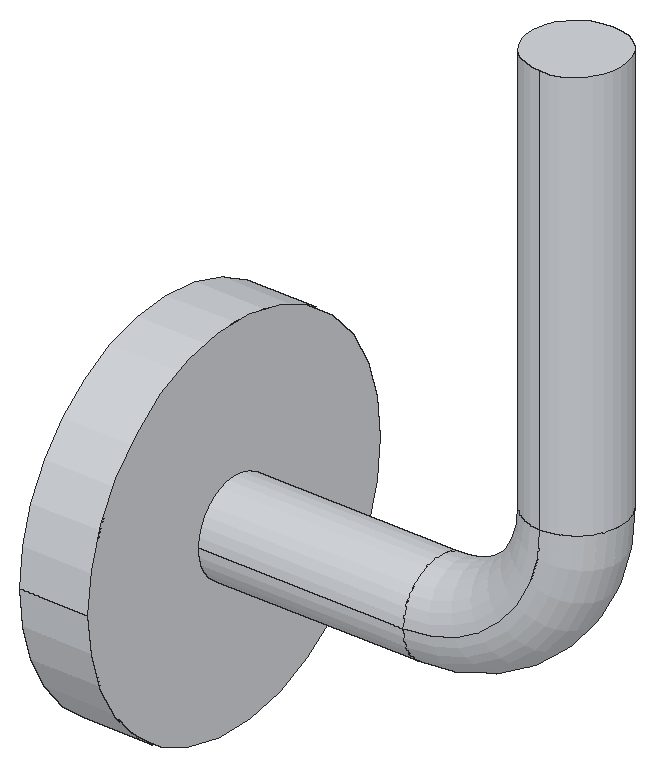
Revit family "Handrail - Bracket", category Balusters, Revit 2025
Family settings
  Always vertical = Yes
  Cut with Voids When Loaded = No
  Shared = No
Parameters
  built-in parameter 1008623 [instance] = 32.47°
  built-in parameter 1008625 [instance] = (empty or 0)
  Post = no
  built-in parameter 1008624 [instance] = 32.47°
  Baluster Material = none
  built-in parameter 1008622 [instance] = 3' - 0"
Reference planes (in)
  plane 1 "Center (Front/Back)": y = 0
  plane 2: z = 0
  plane 3 "Top": z = 36
  plane 4 "Top Cut Angle": through (0, 16.30557, 25.62421) normal (0, -0.5369, -0.8437)
  plane 5 "Bottom Cut Angle": through (0, 0, 0) normal (0, -0.5369, -0.8437)
  plane 6: z = 35.25
  plane 7: x = -2.25
  plane 8: z = 33
  plane 9: z = 32.25
  plane 10: z = 42
  plane 11: y = 6.02475
  plane 12: y = -5.98503
  plane 13: x = 0
  plane 14: x = -1.875
  plane 15: x = 1
Forms (in)
  Extrusion 1, solid, material <- "Baluster Material", detail levels medium+fine
    sketch origin (0, 0, 0) x (0, 1, 0) y (0, 0, 1)
      loop
        circle (0, 32.25) r 1
    from -2.25 to -1.875
  Sweep 2, solid, material <- "Baluster Material", detail levels medium+fine
    path origin (-6.89398, 0, 0.19749) x (1, 0, 0) y (0, 0, 1)
      loop
        line (6.89398, 35.05251) -> (6.89398, 32.80251)
        arc (6.89398, 32.80251) -> (6.67431, 32.27218) -> (6.14398, 32.05251) r 0.75
        line (6.14398, 32.05251) -> (5.01898, 32.05251)
    profile origin (0, 0, 34.125) x (0, -1, 0) y (1, 0, 0)
      loop
        circle (0, 0) r 0.25
Text (in)
  text "Baluster Elevation" at (0, 56.5946, 48.5925), in view "Left"
Dimensions and locks (in)
  "built-in parameter 1008622": plane 2 to plane 3 "Top"
  locked: plane 3 "Top" to plane 6 at 0.75
  plane 9 to plane 8 to plane 3 "Top" = 0' - 0 3/4" locked, 0' - 3" locked
  locked: plane 3 "Top" to plane 10 at 6
  locked: plane 7 to plane 13 at 2.25
  locked: plane 7 to plane 14 at 0.375
  "built-in parameter 1008623": angle plane 3 "Top" to plane 4 "Top Cut Angle"
  "built-in parameter 1008624": angle level to plane 5 "Bottom Cut Angle"
  aligned and locked: plane 9 to Sweep 2 sketch curve
  aligned and locked: Extrusion 1 to plane 7
  aligned and locked: Sweep 2 sketch curve to plane 13
  aligned and locked: plane 6 to Sweep 2 sketch curve
Automatic sketch dimensions
  Extrusion 1 sketch curve to plane 1 "Center (Front/Back)" = 0' - 0"
  Extrusion 1 sketch curve to plane 9 = 0' - 0"
  Sweep 2 sketch curve to plane 1 "Center (Front/Back)" = 0' - 0"
  Sweep 2 sketch curve to profile plane = 0' - 0"
  Sweep 2 sketch curve to plane 14 = 0' - 0"
  Sweep 2 sketch curve to plane 8 = 0' - 0"
  radius of Extrusion 1 sketch curve = 0' - 1"
  radius of Sweep 2 sketch curve = 0' - 0 1/4"
